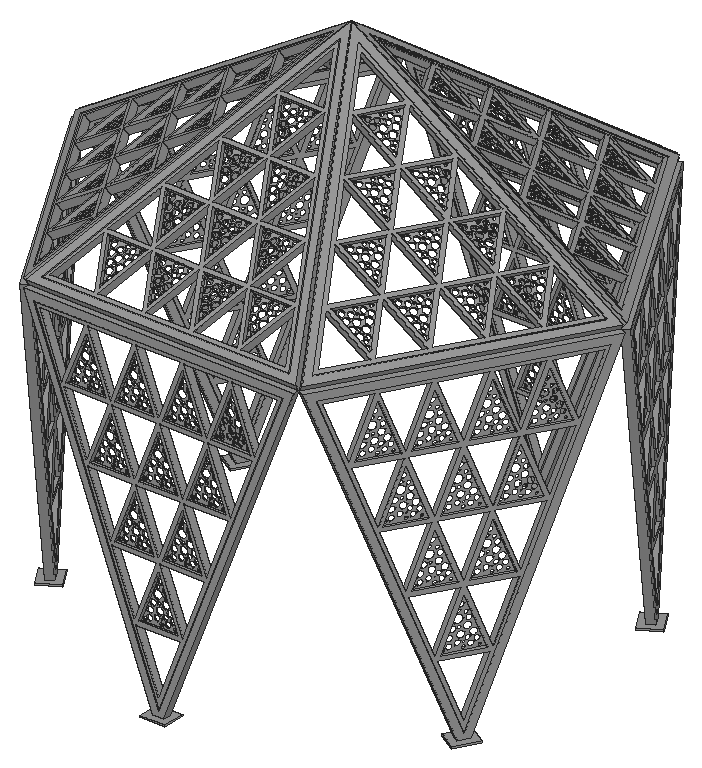
Revit family "Беседка «Трекант» Арт 19429", category Антураж, Revit 2018
Family settings
  На основе рабочей плоскости = Нет
  Всегда вертикально = Да
  При загрузке вырезать с полостями = Нет
  Источник визуального образа = Геометрия семейства
  Общий = Нет
  Точка расчета площади = Нет
Parameters (values of type "Беседка «Трекант»")
  Ширина = 3755 mm  # constant formula
  Цвет отделки = Дерево
  Цвет каркаса = Сталь
  Описание = "Беседка «Трекант»"  # constant formula
  Материал изделия = "Сталь, дерево"  # constant formula
  Изображение типоразмера = Беседка «Трекант» Арт 19429.jpg
  Изготовитель = "ООО «Хоббика»"  # constant formula
  Длина = 3280 mm  # constant formula
  Группа модели = "Навесы, перголы и ротонды"  # constant formula
  Высота = 3535 mm  # constant formula
  Артикул товара = "Арт. 19429"  # constant formula
  URL = "https://hobbyka.ru/product/besedka_trekant/"
Reference planes
  plane 1 "По центру (Вперед/Назад)": y = 0
  plane 2: z = 0
  plane 3 "По центру (Влево/Вправо)": x = 0
  plane 4: y = 3280
  plane 5: x = 3755
  plane 6: z = 3535
  plane 7 "12": y = 1640
  plane 8 "123": z = 2299.592
  plane 9 "5": through (930.646, 0, 2300) normal (-0.866, 0.5, 0)
  plane 10 "4": through (930.646, 3280, 2300) normal (0.866, 0.5, 0)
  plane 11 "1": through (0, 1640, 3535) normal (0, -0.6046, 0.7965)
Forms (mm)
  Extrusion 1, solid, material "Сталь" <- "Цвет каркаса"
    sketch origin (0, 0, 0) x (1, 0, 0) y (0, 0, 1)
      loop
        line (959.5, 2299.592) -> (1842.231, 0) -> (1912.769, 0) -> (2795.5, 2299.592) -> (959.5, 2299.592)
      loop
        line (1032.25, 2249.592) -> (1877.5, 47.642) -> (2722.75, 2249.592) -> (1032.25, 2249.592)
    from 0 to -50
  Extrusion 2, solid, material "Дерево" <- "Цвет отделки"
    sketch origin (0, 0, 0) x (1, 0, 0) y (0, 0, 1)
      loop
        line (1877.5, 47.642) -> (2722.75, 2249.592) -> (1032.25, 2249.592) -> (1877.5, 47.642)
      loop
        line (1723.406, 518.832) -> (1877.5, 117.402) -> (2031.594, 518.832) -> (1723.406, 518.832)
      loop
        line (1559.711, 945.272) -> (1713.809, 543.832) -> (1867.907, 945.272) -> (1559.711, 945.272)
      loop
        line (1396.016, 1371.712) -> (1550.114, 970.272) -> (1704.212, 1371.712) -> (1396.016, 1371.712)
      loop
        line (1232.321, 1798.152) -> (1386.419, 1396.712) -> (1540.517, 1798.152) -> (1232.321, 1798.152)
      loop
        line (1249.503, 1823.152) -> (1523.327, 1823.152) -> (1386.415, 2179.821) -> (1249.503, 1823.152)
      loop
        line (1068.63, 2224.582) -> (1222.724, 1823.152) -> (1376.818, 2224.582) -> (1068.63, 2224.582)
      loop
        line (2204.886, 970.272) -> (2358.984, 1371.712) -> (2050.788, 1371.712) -> (2204.886, 970.272)
      loop
        line (2041.191, 543.832) -> (2195.289, 945.272) -> (1887.093, 945.272) -> (2041.191, 543.832)
      loop
        line (2368.581, 1396.712) -> (2522.679, 1798.152) -> (2214.483, 1798.152) -> (2368.581, 1396.712)
      loop
        line (2532.276, 1823.152) -> (2686.37, 2224.582) -> (2378.182, 2224.582) -> (2532.276, 1823.152)
      loop
        line (1576.891, 1823.152) -> (1850.715, 1823.152) -> (1713.803, 2179.821) -> (1576.891, 1823.152)
      loop
        line (1904.279, 1823.152) -> (2178.103, 1823.152) -> (2041.191, 2179.821) -> (1904.279, 1823.152)
      loop
        line (2231.667, 1823.152) -> (2505.491, 1823.152) -> (2368.579, 2179.821) -> (2231.667, 1823.152)
      loop
        line (2204.888, 1823.152) -> (2358.982, 2224.582) -> (2050.794, 2224.582) -> (2204.888, 1823.152)
      loop
        line (1877.5, 1823.152) -> (2031.594, 2224.582) -> (1723.406, 2224.582) -> (1877.5, 1823.152)
      loop
        line (1550.112, 1823.152) -> (1704.206, 2224.582) -> (1396.018, 2224.582) -> (1550.112, 1823.152)
      loop
        line (1413.198, 1396.712) -> (1687.022, 1396.712) -> (1550.11, 1753.381) -> (1413.198, 1396.712)
      loop
        line (1740.586, 1396.712) -> (2014.41, 1396.712) -> (1877.498, 1753.381) -> (1740.586, 1396.712)
      loop
        line (2067.974, 1396.712) -> (2341.798, 1396.712) -> (2204.886, 1753.381) -> (2067.974, 1396.712)
      loop
        line (1559.709, 1798.152) -> (1713.807, 1396.712) -> (1867.905, 1798.152) -> (1559.709, 1798.152)
      loop
        line (1887.087, 1798.152) -> (2041.189, 1396.702) -> (2195.291, 1798.152) -> (1887.087, 1798.152)
      loop
        line (1576.893, 970.272) -> (1850.717, 970.272) -> (1713.805, 1326.941) -> (1576.893, 970.272)
      loop
        line (1904.281, 970.272) -> (2178.105, 970.272) -> (2041.193, 1326.941) -> (1904.281, 970.272)
      loop
        line (1723.402, 1371.712) -> (1877.5, 970.272) -> (2031.598, 1371.712) -> (1723.402, 1371.712)
      loop
        line (1740.588, 543.832) -> (2014.412, 543.832) -> (1877.5, 900.501) -> (1740.588, 543.832)
    from 0 to -50
  Extrusion 3, solid, material "Сталь" <- "Цвет каркаса"
    sketch origin (-4200, 0, 0) x (1, 0, 0) y (0, 0, 1)
      loop
        line (5449.503, 1823.152) -> (5723.327, 1823.152) -> (5586.415, 2179.821) -> (5449.503, 1823.152)
      loop
        circle (5580.444, 2103.02) r 20
      loop
        circle (5608.926, 2053.38) r 15
      loop
        circle (5564.101, 2064.484) r 15
      loop
        circle (5564.049, 2016.243) r 30
      loop
        circle (5617.758, 1968.637) r 25
      loop
        circle (5626.526, 2015.753) r 20
      loop
        circle (5532.58, 1959.09) r 21.813
      loop
        circle (5577.77, 1920.177) r 25
      loop
        circle (5651.999, 1925.722) r 25
      loop
        circle (5571.018, 1965.519) r 12.691
      loop
        circle (5511.404, 1907.708) r 22.784
      loop
        circle (5476.11, 1841.398) r 15
      loop
        circle (5510.198, 1856.051) r 20
      loop
        circle (5560.156, 1872.059) r 20
      loop
        circle (5617.342, 1895.118) r 17.591
      loop
        circle (5671.63, 1882.765) r 20
      loop
        circle (5635.683, 1856.914) r 20
      loop
        circle (5686.795, 1840.888) r 12.84
      loop
        circle (5594.358, 1840.76) r 15
      loop
        circle (5595.853, 1872.696) r 8.413
    from -24 to -26
  Extrusion 4, solid, material "Сталь" <- "Цвет каркаса"
    sketch origin (-3872.612, 0, 0) x (1, 0, 0) y (0, 0, 1)
      loop
        line (5449.503, 1823.152) -> (5723.327, 1823.152) -> (5586.415, 2179.821) -> (5449.503, 1823.152)
      loop
        circle (5580.444, 2103.02) r 20
      loop
        circle (5608.926, 2053.38) r 15
      loop
        circle (5564.101, 2064.484) r 15
      loop
        circle (5564.049, 2016.243) r 30
      loop
        circle (5617.758, 1968.637) r 25
      loop
        circle (5626.526, 2015.753) r 20
      loop
        circle (5532.58, 1959.09) r 21.813
      loop
        circle (5577.77, 1920.177) r 25
      loop
        circle (5651.999, 1925.722) r 25
      loop
        circle (5571.018, 1965.519) r 12.691
      loop
        circle (5511.404, 1907.708) r 22.784
      loop
        circle (5476.11, 1841.398) r 15
      loop
        circle (5510.198, 1856.051) r 20
      loop
        circle (5560.156, 1872.059) r 20
      loop
        circle (5617.342, 1895.118) r 17.591
      loop
        circle (5671.63, 1882.765) r 20
      loop
        circle (5635.683, 1856.914) r 20
      loop
        circle (5686.795, 1840.888) r 12.84
      loop
        circle (5594.358, 1840.76) r 15
      loop
        circle (5595.853, 1872.696) r 8.413
    from -24 to -26
  Extrusion 5, solid, material "Сталь" <- "Цвет каркаса"
    sketch origin (-3545.224, 0, 0) x (1, 0, 0) y (0, 0, 1)
      loop
        line (5449.503, 1823.152) -> (5723.327, 1823.152) -> (5586.415, 2179.821) -> (5449.503, 1823.152)
      loop
        circle (5580.444, 2103.02) r 20
      loop
        circle (5608.926, 2053.38) r 15
      loop
        circle (5564.101, 2064.484) r 15
      loop
        circle (5564.049, 2016.243) r 30
      loop
        circle (5617.758, 1968.637) r 25
      loop
        circle (5626.526, 2015.753) r 20
      loop
        circle (5532.58, 1959.09) r 21.813
      loop
        circle (5577.77, 1920.177) r 25
      loop
        circle (5651.999, 1925.722) r 25
      loop
        circle (5571.018, 1965.519) r 12.691
      loop
        circle (5511.404, 1907.708) r 22.784
      loop
        circle (5476.11, 1841.398) r 15
      loop
        circle (5510.198, 1856.051) r 20
      loop
        circle (5560.156, 1872.059) r 20
      loop
        circle (5617.342, 1895.118) r 17.591
      loop
        circle (5671.63, 1882.765) r 20
      loop
        circle (5635.683, 1856.914) r 20
      loop
        circle (5686.795, 1840.888) r 12.84
      loop
        circle (5594.358, 1840.76) r 15
      loop
        circle (5595.853, 1872.696) r 8.413
    from -24 to -26
  Extrusion 6, solid, material "Сталь" <- "Цвет каркаса"
    sketch origin (-3217.836, 0, 0) x (1, 0, 0) y (0, 0, 1)
      loop
        line (5449.503, 1823.152) -> (5723.327, 1823.152) -> (5586.415, 2179.821) -> (5449.503, 1823.152)
      loop
        circle (5580.444, 2103.02) r 20
      loop
        circle (5608.926, 2053.38) r 15
      loop
        circle (5564.101, 2064.484) r 15
      loop
        circle (5564.049, 2016.243) r 30
      loop
        circle (5617.758, 1968.637) r 25
      loop
        circle (5626.526, 2015.753) r 20
      loop
        circle (5532.58, 1959.09) r 21.813
      loop
        circle (5577.77, 1920.177) r 25
      loop
        circle (5651.999, 1925.722) r 25
      loop
        circle (5571.018, 1965.519) r 12.691
      loop
        circle (5511.404, 1907.708) r 22.784
      loop
        circle (5476.11, 1841.398) r 15
      loop
        circle (5510.198, 1856.051) r 20
      loop
        circle (5560.156, 1872.059) r 20
      loop
        circle (5617.342, 1895.118) r 17.591
      loop
        circle (5671.63, 1882.765) r 20
      loop
        circle (5635.683, 1856.914) r 20
      loop
        circle (5686.795, 1840.888) r 12.84
      loop
        circle (5594.358, 1840.76) r 15
      loop
        circle (5595.853, 1872.696) r 8.413
    from -24 to -26
  Extrusion 7, solid, material "Сталь" <- "Цвет каркаса"
    sketch origin (-4036.305, 0, -426.44) x (1, 0, 0) y (0, 0, 1)
      loop
        line (5449.503, 1823.152) -> (5723.327, 1823.152) -> (5586.415, 2179.821) -> (5449.503, 1823.152)
      loop
        circle (5580.444, 2103.02) r 20
      loop
        circle (5608.926, 2053.38) r 15
      loop
        circle (5564.101, 2064.484) r 15
      loop
        circle (5564.049, 2016.243) r 30
      loop
        circle (5617.758, 1968.637) r 25
      loop
        circle (5626.526, 2015.753) r 20
      loop
        circle (5532.58, 1959.09) r 21.813
      loop
        circle (5577.77, 1920.177) r 25
      loop
        circle (5651.999, 1925.722) r 25
      loop
        circle (5571.018, 1965.519) r 12.691
      loop
        circle (5511.404, 1907.708) r 22.784
      loop
        circle (5476.11, 1841.398) r 15
      loop
        circle (5510.198, 1856.051) r 20
      loop
        circle (5560.156, 1872.059) r 20
      loop
        circle (5617.342, 1895.118) r 17.591
      loop
        circle (5671.63, 1882.765) r 20
      loop
        circle (5635.683, 1856.914) r 20
      loop
        circle (5686.795, 1840.888) r 12.84
      loop
        circle (5594.358, 1840.76) r 15
      loop
        circle (5595.853, 1872.696) r 8.413
    from -24 to -26
  Extrusion 8, solid, material "Сталь" <- "Цвет каркаса"
    sketch origin (-3708.917, 0, -426.44) x (1, 0, 0) y (0, 0, 1)
      loop
        line (5449.503, 1823.152) -> (5723.327, 1823.152) -> (5586.415, 2179.821) -> (5449.503, 1823.152)
      loop
        circle (5580.444, 2103.02) r 20
      loop
        circle (5608.926, 2053.38) r 15
      loop
        circle (5564.101, 2064.484) r 15
      loop
        circle (5564.049, 2016.243) r 30
      loop
        circle (5617.758, 1968.637) r 25
      loop
        circle (5626.526, 2015.753) r 20
      loop
        circle (5532.58, 1959.09) r 21.813
      loop
        circle (5577.77, 1920.177) r 25
      loop
        circle (5651.999, 1925.722) r 25
      loop
        circle (5571.018, 1965.519) r 12.691
      loop
        circle (5511.404, 1907.708) r 22.784
      loop
        circle (5476.11, 1841.398) r 15
      loop
        circle (5510.198, 1856.051) r 20
      loop
        circle (5560.156, 1872.059) r 20
      loop
        circle (5617.342, 1895.118) r 17.591
      loop
        circle (5671.63, 1882.765) r 20
      loop
        circle (5635.683, 1856.914) r 20
      loop
        circle (5686.795, 1840.888) r 12.84
      loop
        circle (5594.358, 1840.76) r 15
      loop
        circle (5595.853, 1872.696) r 8.413
    from -24 to -26
  Extrusion 9, solid, material "Сталь" <- "Цвет каркаса"
    sketch origin (-3381.529, 0, -426.44) x (1, 0, 0) y (0, 0, 1)
      loop
        line (5449.503, 1823.152) -> (5723.327, 1823.152) -> (5586.415, 2179.821) -> (5449.503, 1823.152)
      loop
        circle (5580.444, 2103.02) r 20
      loop
        circle (5608.926, 2053.38) r 15
      loop
        circle (5564.101, 2064.484) r 15
      loop
        circle (5564.049, 2016.243) r 30
      loop
        circle (5617.758, 1968.637) r 25
      loop
        circle (5626.526, 2015.753) r 20
      loop
        circle (5532.58, 1959.09) r 21.813
      loop
        circle (5577.77, 1920.177) r 25
      loop
        circle (5651.999, 1925.722) r 25
      loop
        circle (5571.018, 1965.519) r 12.691
      loop
        circle (5511.404, 1907.708) r 22.784
      loop
        circle (5476.11, 1841.398) r 15
      loop
        circle (5510.198, 1856.051) r 20
      loop
        circle (5560.156, 1872.059) r 20
      loop
        circle (5617.342, 1895.118) r 17.591
      loop
        circle (5671.63, 1882.765) r 20
      loop
        circle (5635.683, 1856.914) r 20
      loop
        circle (5686.795, 1840.888) r 12.84
      loop
        circle (5594.358, 1840.76) r 15
      loop
        circle (5595.853, 1872.696) r 8.413
    from -24 to -26
  Extrusion 10, solid, material "Сталь" <- "Цвет каркаса"
    sketch origin (-3872.61, 0, -852.88) x (1, 0, 0) y (0, 0, 1)
      loop
        line (5449.503, 1823.152) -> (5723.327, 1823.152) -> (5586.415, 2179.821) -> (5449.503, 1823.152)
      loop
        circle (5580.444, 2103.02) r 20
      loop
        circle (5608.926, 2053.38) r 15
      loop
        circle (5564.101, 2064.484) r 15
      loop
        circle (5564.049, 2016.243) r 30
      loop
        circle (5617.758, 1968.637) r 25
      loop
        circle (5626.526, 2015.753) r 20
      loop
        circle (5532.58, 1959.09) r 21.813
      loop
        circle (5577.77, 1920.177) r 25
      loop
        circle (5651.999, 1925.722) r 25
      loop
        circle (5571.018, 1965.519) r 12.691
      loop
        circle (5511.404, 1907.708) r 22.784
      loop
        circle (5476.11, 1841.398) r 15
      loop
        circle (5510.198, 1856.051) r 20
      loop
        circle (5560.156, 1872.059) r 20
      loop
        circle (5617.342, 1895.118) r 17.591
      loop
        circle (5671.63, 1882.765) r 20
      loop
        circle (5635.683, 1856.914) r 20
      loop
        circle (5686.795, 1840.888) r 12.84
      loop
        circle (5594.358, 1840.76) r 15
      loop
        circle (5595.853, 1872.696) r 8.413
    from -24 to -26
  Extrusion 11, solid, material "Сталь" <- "Цвет каркаса"
    sketch origin (-3545.222, 0, -852.88) x (1, 0, 0) y (0, 0, 1)
      loop
        line (5449.503, 1823.152) -> (5723.327, 1823.152) -> (5586.415, 2179.821) -> (5449.503, 1823.152)
      loop
        circle (5580.444, 2103.02) r 20
      loop
        circle (5608.926, 2053.38) r 15
      loop
        circle (5564.101, 2064.484) r 15
      loop
        circle (5564.049, 2016.243) r 30
      loop
        circle (5617.758, 1968.637) r 25
      loop
        circle (5626.526, 2015.753) r 20
      loop
        circle (5532.58, 1959.09) r 21.813
      loop
        circle (5577.77, 1920.177) r 25
      loop
        circle (5651.999, 1925.722) r 25
      loop
        circle (5571.018, 1965.519) r 12.691
      loop
        circle (5511.404, 1907.708) r 22.784
      loop
        circle (5476.11, 1841.398) r 15
      loop
        circle (5510.198, 1856.051) r 20
      loop
        circle (5560.156, 1872.059) r 20
      loop
        circle (5617.342, 1895.118) r 17.591
      loop
        circle (5671.63, 1882.765) r 20
      loop
        circle (5635.683, 1856.914) r 20
      loop
        circle (5686.795, 1840.888) r 12.84
      loop
        circle (5594.358, 1840.76) r 15
      loop
        circle (5595.853, 1872.696) r 8.413
    from -24 to -26
  Extrusion 12, solid, material "Сталь" <- "Цвет каркаса"
    sketch origin (-3708.915, 0, -1279.32) x (1, 0, 0) y (0, 0, 1)
      loop
        line (5449.503, 1823.152) -> (5723.327, 1823.152) -> (5586.415, 2179.821) -> (5449.503, 1823.152)
      loop
        circle (5580.444, 2103.02) r 20
      loop
        circle (5608.926, 2053.38) r 15
      loop
        circle (5564.101, 2064.484) r 15
      loop
        circle (5564.049, 2016.243) r 30
      loop
        circle (5617.758, 1968.637) r 25
      loop
        circle (5626.526, 2015.753) r 20
      loop
        circle (5532.58, 1959.09) r 21.813
      loop
        circle (5577.77, 1920.177) r 25
      loop
        circle (5651.999, 1925.722) r 25
      loop
        circle (5571.018, 1965.519) r 12.691
      loop
        circle (5511.404, 1907.708) r 22.784
      loop
        circle (5476.11, 1841.398) r 15
      loop
        circle (5510.198, 1856.051) r 20
      loop
        circle (5560.156, 1872.059) r 20
      loop
        circle (5617.342, 1895.118) r 17.591
      loop
        circle (5671.63, 1882.765) r 20
      loop
        circle (5635.683, 1856.914) r 20
      loop
        circle (5686.795, 1840.888) r 12.84
      loop
        circle (5594.358, 1840.76) r 15
      loop
        circle (5595.853, 1872.696) r 8.413
    from -24 to -26
  Extrusion 13, solid, material "Сталь" <- "Цвет каркаса"
    sketch origin (2359.032, -805.963, 0) x (0.5, 0.866025, 0) y (0, 0, 1)
      loop
        line (959.5, 2299.592) -> (1842.231, 0) -> (1912.769, 0) -> (2795.5, 2299.592) -> (959.5, 2299.592)
      loop
        line (1032.25, 2249.592) -> (1877.5, 47.642) -> (2722.75, 2249.592) -> (1032.25, 2249.592)
    from 0 to -50
  Extrusion 14, solid, material "Дерево" <- "Цвет отделки"
    sketch origin (2359.032, -805.963, 0) x (0.5, 0.866025, 0) y (0, 0, 1)
      loop
        line (1877.5, 47.642) -> (2722.75, 2249.592) -> (1032.25, 2249.592) -> (1877.5, 47.642)
      loop
        line (1723.406, 518.832) -> (1877.5, 117.402) -> (2031.594, 518.832) -> (1723.406, 518.832)
      loop
        line (1559.711, 945.272) -> (1713.809, 543.832) -> (1867.907, 945.272) -> (1559.711, 945.272)
      loop
        line (1396.016, 1371.712) -> (1550.114, 970.272) -> (1704.212, 1371.712) -> (1396.016, 1371.712)
      loop
        line (1232.321, 1798.152) -> (1386.419, 1396.712) -> (1540.517, 1798.152) -> (1232.321, 1798.152)
      loop
        line (1249.503, 1823.152) -> (1523.327, 1823.152) -> (1386.415, 2179.821) -> (1249.503, 1823.152)
      loop
        line (1068.63, 2224.582) -> (1222.724, 1823.152) -> (1376.818, 2224.582) -> (1068.63, 2224.582)
      loop
        line (2204.886, 970.272) -> (2358.984, 1371.712) -> (2050.788, 1371.712) -> (2204.886, 970.272)
      loop
        line (2041.191, 543.832) -> (2195.289, 945.272) -> (1887.093, 945.272) -> (2041.191, 543.832)
      loop
        line (2368.581, 1396.712) -> (2522.679, 1798.152) -> (2214.483, 1798.152) -> (2368.581, 1396.712)
      loop
        line (2532.276, 1823.152) -> (2686.37, 2224.582) -> (2378.182, 2224.582) -> (2532.276, 1823.152)
      loop
        line (1576.891, 1823.152) -> (1850.715, 1823.152) -> (1713.803, 2179.821) -> (1576.891, 1823.152)
      loop
        line (1904.279, 1823.152) -> (2178.103, 1823.152) -> (2041.191, 2179.821) -> (1904.279, 1823.152)
      loop
        line (2231.667, 1823.152) -> (2505.491, 1823.152) -> (2368.579, 2179.821) -> (2231.667, 1823.152)
      loop
        line (2204.888, 1823.152) -> (2358.982, 2224.582) -> (2050.794, 2224.582) -> (2204.888, 1823.152)
      loop
        line (1877.5, 1823.152) -> (2031.594, 2224.582) -> (1723.406, 2224.582) -> (1877.5, 1823.152)
      loop
        line (1550.112, 1823.152) -> (1704.206, 2224.582) -> (1396.018, 2224.582) -> (1550.112, 1823.152)
      loop
        line (1413.198, 1396.712) -> (1687.022, 1396.712) -> (1550.11, 1753.381) -> (1413.198, 1396.712)
      loop
        line (1740.586, 1396.712) -> (2014.41, 1396.712) -> (1877.498, 1753.381) -> (1740.586, 1396.712)
      loop
        line (2067.974, 1396.712) -> (2341.798, 1396.712) -> (2204.886, 1753.381) -> (2067.974, 1396.712)
      loop
        line (1559.709, 1798.152) -> (1713.807, 1396.712) -> (1867.905, 1798.152) -> (1559.709, 1798.152)
      loop
        line (1887.087, 1798.152) -> (2041.189, 1396.702) -> (2195.291, 1798.152) -> (1887.087, 1798.152)
      loop
        line (1576.893, 970.272) -> (1850.717, 970.272) -> (1713.805, 1326.941) -> (1576.893, 970.272)
      loop
        line (1904.281, 970.272) -> (2178.105, 970.272) -> (2041.193, 1326.941) -> (1904.281, 970.272)
      loop
        line (1723.402, 1371.712) -> (1877.5, 970.272) -> (2031.598, 1371.712) -> (1723.402, 1371.712)
      loop
        line (1740.588, 543.832) -> (2014.412, 543.832) -> (1877.5, 900.501) -> (1740.588, 543.832)
    from 0 to -50
  Extrusion 15, solid, material "Сталь" <- "Цвет каркаса"
    sketch origin (259.032, -4443.269, 0) x (0.5, 0.866025, 0) y (0, 0, 1)
      loop
        line (5449.503, 1823.152) -> (5723.327, 1823.152) -> (5586.415, 2179.821) -> (5449.503, 1823.152)
      loop
        circle (5580.444, 2103.02) r 20
      loop
        circle (5608.926, 2053.38) r 15
      loop
        circle (5564.101, 2064.484) r 15
      loop
        circle (5564.049, 2016.243) r 30
      loop
        circle (5617.758, 1968.637) r 25
      loop
        circle (5626.526, 2015.753) r 20
      loop
        circle (5532.58, 1959.09) r 21.813
      loop
        circle (5577.77, 1920.177) r 25
      loop
        circle (5651.999, 1925.722) r 25
      loop
        circle (5571.018, 1965.519) r 12.691
      loop
        circle (5511.404, 1907.708) r 22.784
      loop
        circle (5476.11, 1841.398) r 15
      loop
        circle (5510.198, 1856.051) r 20
      loop
        circle (5560.156, 1872.059) r 20
      loop
        circle (5617.342, 1895.118) r 17.591
      loop
        circle (5671.63, 1882.765) r 20
      loop
        circle (5635.683, 1856.914) r 20
      loop
        circle (5686.795, 1840.888) r 12.84
      loop
        circle (5594.358, 1840.76) r 15
      loop
        circle (5595.853, 1872.696) r 8.413
    from -24 to -26
  Extrusion 16, solid, material "Сталь" <- "Цвет каркаса"
    sketch origin (422.726, -4159.743, 0) x (0.5, 0.866025, 0) y (0, 0, 1)
      loop
        line (5449.503, 1823.152) -> (5723.327, 1823.152) -> (5586.415, 2179.821) -> (5449.503, 1823.152)
      loop
        circle (5580.444, 2103.02) r 20
      loop
        circle (5608.926, 2053.38) r 15
      loop
        circle (5564.101, 2064.484) r 15
      loop
        circle (5564.049, 2016.243) r 30
      loop
        circle (5617.758, 1968.637) r 25
      loop
        circle (5626.526, 2015.753) r 20
      loop
        circle (5532.58, 1959.09) r 21.813
      loop
        circle (5577.77, 1920.177) r 25
      loop
        circle (5651.999, 1925.722) r 25
      loop
        circle (5571.018, 1965.519) r 12.691
      loop
        circle (5511.404, 1907.708) r 22.784
      loop
        circle (5476.11, 1841.398) r 15
      loop
        circle (5510.198, 1856.051) r 20
      loop
        circle (5560.156, 1872.059) r 20
      loop
        circle (5617.342, 1895.118) r 17.591
      loop
        circle (5671.63, 1882.765) r 20
      loop
        circle (5635.683, 1856.914) r 20
      loop
        circle (5686.795, 1840.888) r 12.84
      loop
        circle (5594.358, 1840.76) r 15
      loop
        circle (5595.853, 1872.696) r 8.413
    from -24 to -26
  Extrusion 17, solid, material "Сталь" <- "Цвет каркаса"
    sketch origin (586.42, -3876.217, 0) x (0.5, 0.866025, 0) y (0, 0, 1)
      loop
        line (5449.503, 1823.152) -> (5723.327, 1823.152) -> (5586.415, 2179.821) -> (5449.503, 1823.152)
      loop
        circle (5580.444, 2103.02) r 20
      loop
        circle (5608.926, 2053.38) r 15
      loop
        circle (5564.101, 2064.484) r 15
      loop
        circle (5564.049, 2016.243) r 30
      loop
        circle (5617.758, 1968.637) r 25
      loop
        circle (5626.526, 2015.753) r 20
      loop
        circle (5532.58, 1959.09) r 21.813
      loop
        circle (5577.77, 1920.177) r 25
      loop
        circle (5651.999, 1925.722) r 25
      loop
        circle (5571.018, 1965.519) r 12.691
      loop
        circle (5511.404, 1907.708) r 22.784
      loop
        circle (5476.11, 1841.398) r 15
      loop
        circle (5510.198, 1856.051) r 20
      loop
        circle (5560.156, 1872.059) r 20
      loop
        circle (5617.342, 1895.118) r 17.591
      loop
        circle (5671.63, 1882.765) r 20
      loop
        circle (5635.683, 1856.914) r 20
      loop
        circle (5686.795, 1840.888) r 12.84
      loop
        circle (5594.358, 1840.76) r 15
      loop
        circle (5595.853, 1872.696) r 8.413
    from -24 to -26
  Extrusion 18, solid, material "Сталь" <- "Цвет каркаса"
    sketch origin (750.114, -3592.69, 0) x (0.5, 0.866025, 0) y (0, 0, 1)
      loop
        line (5449.503, 1823.152) -> (5723.327, 1823.152) -> (5586.415, 2179.821) -> (5449.503, 1823.152)
      loop
        circle (5580.444, 2103.02) r 20
      loop
        circle (5608.926, 2053.38) r 15
      loop
        circle (5564.101, 2064.484) r 15
      loop
        circle (5564.049, 2016.243) r 30
      loop
        circle (5617.758, 1968.637) r 25
      loop
        circle (5626.526, 2015.753) r 20
      loop
        circle (5532.58, 1959.09) r 21.813
      loop
        circle (5577.77, 1920.177) r 25
      loop
        circle (5651.999, 1925.722) r 25
      loop
        circle (5571.018, 1965.519) r 12.691
      loop
        circle (5511.404, 1907.708) r 22.784
      loop
        circle (5476.11, 1841.398) r 15
      loop
        circle (5510.198, 1856.051) r 20
      loop
        circle (5560.156, 1872.059) r 20
      loop
        circle (5617.342, 1895.118) r 17.591
      loop
        circle (5671.63, 1882.765) r 20
      loop
        circle (5635.683, 1856.914) r 20
      loop
        circle (5686.795, 1840.888) r 12.84
      loop
        circle (5594.358, 1840.76) r 15
      loop
        circle (5595.853, 1872.696) r 8.413
    from -24 to -26
  Extrusion 19, solid, material "Сталь" <- "Цвет каркаса"
    sketch origin (340.879, -4301.505, -426.44) x (0.5, 0.866025, 0) y (0, 0, 1)
      loop
        line (5449.503, 1823.152) -> (5723.327, 1823.152) -> (5586.415, 2179.821) -> (5449.503, 1823.152)
      loop
        circle (5580.444, 2103.02) r 20
      loop
        circle (5608.926, 2053.38) r 15
      loop
        circle (5564.101, 2064.484) r 15
      loop
        circle (5564.049, 2016.243) r 30
      loop
        circle (5617.758, 1968.637) r 25
      loop
        circle (5626.526, 2015.753) r 20
      loop
        circle (5532.58, 1959.09) r 21.813
      loop
        circle (5577.77, 1920.177) r 25
      loop
        circle (5651.999, 1925.722) r 25
      loop
        circle (5571.018, 1965.519) r 12.691
      loop
        circle (5511.404, 1907.708) r 22.784
      loop
        circle (5476.11, 1841.398) r 15
      loop
        circle (5510.198, 1856.051) r 20
      loop
        circle (5560.156, 1872.059) r 20
      loop
        circle (5617.342, 1895.118) r 17.591
      loop
        circle (5671.63, 1882.765) r 20
      loop
        circle (5635.683, 1856.914) r 20
      loop
        circle (5686.795, 1840.888) r 12.84
      loop
        circle (5594.358, 1840.76) r 15
      loop
        circle (5595.853, 1872.696) r 8.413
    from -24 to -26
  Extrusion 20, solid, material "Сталь" <- "Цвет каркаса"
    sketch origin (504.573, -4017.979, -426.44) x (0.5, 0.866025, 0) y (0, 0, 1)
      loop
        line (5449.503, 1823.152) -> (5723.327, 1823.152) -> (5586.415, 2179.821) -> (5449.503, 1823.152)
      loop
        circle (5580.444, 2103.02) r 20
      loop
        circle (5608.926, 2053.38) r 15
      loop
        circle (5564.101, 2064.484) r 15
      loop
        circle (5564.049, 2016.243) r 30
      loop
        circle (5617.758, 1968.637) r 25
      loop
        circle (5626.526, 2015.753) r 20
      loop
        circle (5532.58, 1959.09) r 21.813
      loop
        circle (5577.77, 1920.177) r 25
      loop
        circle (5651.999, 1925.722) r 25
      loop
        circle (5571.018, 1965.519) r 12.691
      loop
        circle (5511.404, 1907.708) r 22.784
      loop
        circle (5476.11, 1841.398) r 15
      loop
        circle (5510.198, 1856.051) r 20
      loop
        circle (5560.156, 1872.059) r 20
      loop
        circle (5617.342, 1895.118) r 17.591
      loop
        circle (5671.63, 1882.765) r 20
      loop
        circle (5635.683, 1856.914) r 20
      loop
        circle (5686.795, 1840.888) r 12.84
      loop
        circle (5594.358, 1840.76) r 15
      loop
        circle (5595.853, 1872.696) r 8.413
    from -24 to -26
  Extrusion 21, solid, material "Сталь" <- "Цвет каркаса"
    sketch origin (668.267, -3734.453, -426.44) x (0.5, 0.866025, 0) y (0, 0, 1)
      loop
        line (5449.503, 1823.152) -> (5723.327, 1823.152) -> (5586.415, 2179.821) -> (5449.503, 1823.152)
      loop
        circle (5580.444, 2103.02) r 20
      loop
        circle (5608.926, 2053.38) r 15
      loop
        circle (5564.101, 2064.484) r 15
      loop
        circle (5564.049, 2016.243) r 30
      loop
        circle (5617.758, 1968.637) r 25
      loop
        circle (5626.526, 2015.753) r 20
      loop
        circle (5532.58, 1959.09) r 21.813
      loop
        circle (5577.77, 1920.177) r 25
      loop
        circle (5651.999, 1925.722) r 25
      loop
        circle (5571.018, 1965.519) r 12.691
      loop
        circle (5511.404, 1907.708) r 22.784
      loop
        circle (5476.11, 1841.398) r 15
      loop
        circle (5510.198, 1856.051) r 20
      loop
        circle (5560.156, 1872.059) r 20
      loop
        circle (5617.342, 1895.118) r 17.591
      loop
        circle (5671.63, 1882.765) r 20
      loop
        circle (5635.683, 1856.914) r 20
      loop
        circle (5686.795, 1840.888) r 12.84
      loop
        circle (5594.358, 1840.76) r 15
      loop
        circle (5595.853, 1872.696) r 8.413
    from -24 to -26
  Extrusion 22, solid, material "Сталь" <- "Цвет каркаса"
    sketch origin (422.727, -4159.741, -852.88) x (0.5, 0.866025, 0) y (0, 0, 1)
      loop
        line (5449.503, 1823.152) -> (5723.327, 1823.152) -> (5586.415, 2179.821) -> (5449.503, 1823.152)
      loop
        circle (5580.444, 2103.02) r 20
      loop
        circle (5608.926, 2053.38) r 15
      loop
        circle (5564.101, 2064.484) r 15
      loop
        circle (5564.049, 2016.243) r 30
      loop
        circle (5617.758, 1968.637) r 25
      loop
        circle (5626.526, 2015.753) r 20
      loop
        circle (5532.58, 1959.09) r 21.813
      loop
        circle (5577.77, 1920.177) r 25
      loop
        circle (5651.999, 1925.722) r 25
      loop
        circle (5571.018, 1965.519) r 12.691
      loop
        circle (5511.404, 1907.708) r 22.784
      loop
        circle (5476.11, 1841.398) r 15
      loop
        circle (5510.198, 1856.051) r 20
      loop
        circle (5560.156, 1872.059) r 20
      loop
        circle (5617.342, 1895.118) r 17.591
      loop
        circle (5671.63, 1882.765) r 20
      loop
        circle (5635.683, 1856.914) r 20
      loop
        circle (5686.795, 1840.888) r 12.84
      loop
        circle (5594.358, 1840.76) r 15
      loop
        circle (5595.853, 1872.696) r 8.413
    from -24 to -26
  Extrusion 23, solid, material "Сталь" <- "Цвет каркаса"
    sketch origin (586.421, -3876.215, -852.88) x (0.5, 0.866025, 0) y (0, 0, 1)
      loop
        line (5449.503, 1823.152) -> (5723.327, 1823.152) -> (5586.415, 2179.821) -> (5449.503, 1823.152)
      loop
        circle (5580.444, 2103.02) r 20
      loop
        circle (5608.926, 2053.38) r 15
      loop
        circle (5564.101, 2064.484) r 15
      loop
        circle (5564.049, 2016.243) r 30
      loop
        circle (5617.758, 1968.637) r 25
      loop
        circle (5626.526, 2015.753) r 20
      loop
        circle (5532.58, 1959.09) r 21.813
      loop
        circle (5577.77, 1920.177) r 25
      loop
        circle (5651.999, 1925.722) r 25
      loop
        circle (5571.018, 1965.519) r 12.691
      loop
        circle (5511.404, 1907.708) r 22.784
      loop
        circle (5476.11, 1841.398) r 15
      loop
        circle (5510.198, 1856.051) r 20
      loop
        circle (5560.156, 1872.059) r 20
      loop
        circle (5617.342, 1895.118) r 17.591
      loop
        circle (5671.63, 1882.765) r 20
      loop
        circle (5635.683, 1856.914) r 20
      loop
        circle (5686.795, 1840.888) r 12.84
      loop
        circle (5594.358, 1840.76) r 15
      loop
        circle (5595.853, 1872.696) r 8.413
    from -24 to -26
  Extrusion 24, solid, material "Сталь" <- "Цвет каркаса"
    sketch origin (504.574, -4017.977, -1279.32) x (0.5, 0.866025, 0) y (0, 0, 1)
      loop
        line (5449.503, 1823.152) -> (5723.327, 1823.152) -> (5586.415, 2179.821) -> (5449.503, 1823.152)
      loop
        circle (5580.444, 2103.02) r 20
      loop
        circle (5608.926, 2053.38) r 15
      loop
        circle (5564.101, 2064.484) r 15
      loop
        circle (5564.049, 2016.243) r 30
      loop
        circle (5617.758, 1968.637) r 25
      loop
        circle (5626.526, 2015.753) r 20
      loop
        circle (5532.58, 1959.09) r 21.813
      loop
        circle (5577.77, 1920.177) r 25
      loop
        circle (5651.999, 1925.722) r 25
      loop
        circle (5571.018, 1965.519) r 12.691
      loop
        circle (5511.404, 1907.708) r 22.784
      loop
        circle (5476.11, 1841.398) r 15
      loop
        circle (5510.198, 1856.051) r 20
      loop
        circle (5560.156, 1872.059) r 20
      loop
        circle (5617.342, 1895.118) r 17.591
      loop
        circle (5671.63, 1882.765) r 20
      loop
        circle (5635.683, 1856.914) r 20
      loop
        circle (5686.795, 1840.888) r 12.84
      loop
        circle (5594.358, 1840.76) r 15
      loop
        circle (5595.853, 1872.696) r 8.413
    from -24 to -26
  Extrusion 25, solid, material "Сталь" <- "Цвет каркаса"
    sketch origin (4236.532, 834.037, 0) x (-0.5, 0.866025, 0) y (0, 0, 1)
      loop
        line (959.5, 2299.592) -> (1842.231, 0) -> (1912.769, 0) -> (2795.5, 2299.592) -> (959.5, 2299.592)
      loop
        line (1032.25, 2249.592) -> (1877.5, 47.642) -> (2722.75, 2249.592) -> (1032.25, 2249.592)
    from 0 to -50
  Extrusion 26, solid, material "Дерево" <- "Цвет отделки"
    sketch origin (4236.532, 834.037, 0) x (-0.5, 0.866025, 0) y (0, 0, 1)
      loop
        line (1877.5, 47.642) -> (2722.75, 2249.592) -> (1032.25, 2249.592) -> (1877.5, 47.642)
      loop
        line (1723.406, 518.832) -> (1877.5, 117.402) -> (2031.594, 518.832) -> (1723.406, 518.832)
      loop
        line (1559.711, 945.272) -> (1713.809, 543.832) -> (1867.907, 945.272) -> (1559.711, 945.272)
      loop
        line (1396.016, 1371.712) -> (1550.114, 970.272) -> (1704.212, 1371.712) -> (1396.016, 1371.712)
      loop
        line (1232.321, 1798.152) -> (1386.419, 1396.712) -> (1540.517, 1798.152) -> (1232.321, 1798.152)
      loop
        line (1249.503, 1823.152) -> (1523.327, 1823.152) -> (1386.415, 2179.821) -> (1249.503, 1823.152)
      loop
        line (1068.63, 2224.582) -> (1222.724, 1823.152) -> (1376.818, 2224.582) -> (1068.63, 2224.582)
      loop
        line (2204.886, 970.272) -> (2358.984, 1371.712) -> (2050.788, 1371.712) -> (2204.886, 970.272)
      loop
        line (2041.191, 543.832) -> (2195.289, 945.272) -> (1887.093, 945.272) -> (2041.191, 543.832)
      loop
        line (2368.581, 1396.712) -> (2522.679, 1798.152) -> (2214.483, 1798.152) -> (2368.581, 1396.712)
      loop
        line (2532.276, 1823.152) -> (2686.37, 2224.582) -> (2378.182, 2224.582) -> (2532.276, 1823.152)
      loop
        line (1576.891, 1823.152) -> (1850.715, 1823.152) -> (1713.803, 2179.821) -> (1576.891, 1823.152)
      loop
        line (1904.279, 1823.152) -> (2178.103, 1823.152) -> (2041.191, 2179.821) -> (1904.279, 1823.152)
      loop
        line (2231.667, 1823.152) -> (2505.491, 1823.152) -> (2368.579, 2179.821) -> (2231.667, 1823.152)
      loop
        line (2204.888, 1823.152) -> (2358.982, 2224.582) -> (2050.794, 2224.582) -> (2204.888, 1823.152)
      loop
        line (1877.5, 1823.152) -> (2031.594, 2224.582) -> (1723.406, 2224.582) -> (1877.5, 1823.152)
      loop
        line (1550.112, 1823.152) -> (1704.206, 2224.582) -> (1396.018, 2224.582) -> (1550.112, 1823.152)
      loop
        line (1413.198, 1396.712) -> (1687.022, 1396.712) -> (1550.11, 1753.381) -> (1413.198, 1396.712)
      loop
        line (1740.586, 1396.712) -> (2014.41, 1396.712) -> (1877.498, 1753.381) -> (1740.586, 1396.712)
      loop
        line (2067.974, 1396.712) -> (2341.798, 1396.712) -> (2204.886, 1753.381) -> (2067.974, 1396.712)
      loop
        line (1559.709, 1798.152) -> (1713.807, 1396.712) -> (1867.905, 1798.152) -> (1559.709, 1798.152)
      loop
        line (1887.087, 1798.152) -> (2041.189, 1396.702) -> (2195.291, 1798.152) -> (1887.087, 1798.152)
      loop
        line (1576.893, 970.272) -> (1850.717, 970.272) -> (1713.805, 1326.941) -> (1576.893, 970.272)
      loop
        line (1904.281, 970.272) -> (2178.105, 970.272) -> (2041.193, 1326.941) -> (1904.281, 970.272)
      loop
        line (1723.402, 1371.712) -> (1877.5, 970.272) -> (2031.598, 1371.712) -> (1723.402, 1371.712)
      loop
        line (1740.588, 543.832) -> (2014.412, 543.832) -> (1877.5, 900.501) -> (1740.588, 543.832)
    from 0 to -50
  Extrusion 27, solid, material "Сталь" <- "Цвет каркаса"
    sketch origin (6336.532, -2803.269, 0) x (-0.5, 0.866025, 0) y (0, 0, 1)
      loop
        line (5449.503, 1823.152) -> (5723.327, 1823.152) -> (5586.415, 2179.821) -> (5449.503, 1823.152)
      loop
        circle (5580.444, 2103.02) r 20
      loop
        circle (5608.926, 2053.38) r 15
      loop
        circle (5564.101, 2064.484) r 15
      loop
        circle (5564.049, 2016.243) r 30
      loop
        circle (5617.758, 1968.637) r 25
      loop
        circle (5626.526, 2015.753) r 20
      loop
        circle (5532.58, 1959.09) r 21.813
      loop
        circle (5577.77, 1920.177) r 25
      loop
        circle (5651.999, 1925.722) r 25
      loop
        circle (5571.018, 1965.519) r 12.691
      loop
        circle (5511.404, 1907.708) r 22.784
      loop
        circle (5476.11, 1841.398) r 15
      loop
        circle (5510.198, 1856.051) r 20
      loop
        circle (5560.156, 1872.059) r 20
      loop
        circle (5617.342, 1895.118) r 17.591
      loop
        circle (5671.63, 1882.765) r 20
      loop
        circle (5635.683, 1856.914) r 20
      loop
        circle (5686.795, 1840.888) r 12.84
      loop
        circle (5594.358, 1840.76) r 15
      loop
        circle (5595.853, 1872.696) r 8.413
    from -24 to -26
  Extrusion 28, solid, material "Сталь" <- "Цвет каркаса"
    sketch origin (6172.838, -2519.743, 0) x (-0.5, 0.866025, 0) y (0, 0, 1)
      loop
        line (5449.503, 1823.152) -> (5723.327, 1823.152) -> (5586.415, 2179.821) -> (5449.503, 1823.152)
      loop
        circle (5580.444, 2103.02) r 20
      loop
        circle (5608.926, 2053.38) r 15
      loop
        circle (5564.101, 2064.484) r 15
      loop
        circle (5564.049, 2016.243) r 30
      loop
        circle (5617.758, 1968.637) r 25
      loop
        circle (5626.526, 2015.753) r 20
      loop
        circle (5532.58, 1959.09) r 21.813
      loop
        circle (5577.77, 1920.177) r 25
      loop
        circle (5651.999, 1925.722) r 25
      loop
        circle (5571.018, 1965.519) r 12.691
      loop
        circle (5511.404, 1907.708) r 22.784
      loop
        circle (5476.11, 1841.398) r 15
      loop
        circle (5510.198, 1856.051) r 20
      loop
        circle (5560.156, 1872.059) r 20
      loop
        circle (5617.342, 1895.118) r 17.591
      loop
        circle (5671.63, 1882.765) r 20
      loop
        circle (5635.683, 1856.914) r 20
      loop
        circle (5686.795, 1840.888) r 12.84
      loop
        circle (5594.358, 1840.76) r 15
      loop
        circle (5595.853, 1872.696) r 8.413
    from -24 to -26
  Extrusion 29, solid, material "Сталь" <- "Цвет каркаса"
    sketch origin (6009.144, -2236.217, 0) x (-0.5, 0.866025, 0) y (0, 0, 1)
      loop
        line (5449.503, 1823.152) -> (5723.327, 1823.152) -> (5586.415, 2179.821) -> (5449.503, 1823.152)
      loop
        circle (5580.444, 2103.02) r 20
      loop
        circle (5608.926, 2053.38) r 15
      loop
        circle (5564.101, 2064.484) r 15
      loop
        circle (5564.049, 2016.243) r 30
      loop
        circle (5617.758, 1968.637) r 25
      loop
        circle (5626.526, 2015.753) r 20
      loop
        circle (5532.58, 1959.09) r 21.813
      loop
        circle (5577.77, 1920.177) r 25
      loop
        circle (5651.999, 1925.722) r 25
      loop
        circle (5571.018, 1965.519) r 12.691
      loop
        circle (5511.404, 1907.708) r 22.784
      loop
        circle (5476.11, 1841.398) r 15
      loop
        circle (5510.198, 1856.051) r 20
      loop
        circle (5560.156, 1872.059) r 20
      loop
        circle (5617.342, 1895.118) r 17.591
      loop
        circle (5671.63, 1882.765) r 20
      loop
        circle (5635.683, 1856.914) r 20
      loop
        circle (5686.795, 1840.888) r 12.84
      loop
        circle (5594.358, 1840.76) r 15
      loop
        circle (5595.853, 1872.696) r 8.413
    from -24 to -26
  Extrusion 30, solid, material "Сталь" <- "Цвет каркаса"
    sketch origin (5845.45, -1952.69, 0) x (-0.5, 0.866025, 0) y (0, 0, 1)
      loop
        line (5449.503, 1823.152) -> (5723.327, 1823.152) -> (5586.415, 2179.821) -> (5449.503, 1823.152)
      loop
        circle (5580.444, 2103.02) r 20
      loop
        circle (5608.926, 2053.38) r 15
      loop
        circle (5564.101, 2064.484) r 15
      loop
        circle (5564.049, 2016.243) r 30
      loop
        circle (5617.758, 1968.637) r 25
      loop
        circle (5626.526, 2015.753) r 20
      loop
        circle (5532.58, 1959.09) r 21.813
      loop
        circle (5577.77, 1920.177) r 25
      loop
        circle (5651.999, 1925.722) r 25
      loop
        circle (5571.018, 1965.519) r 12.691
      loop
        circle (5511.404, 1907.708) r 22.784
      loop
        circle (5476.11, 1841.398) r 15
      loop
        circle (5510.198, 1856.051) r 20
      loop
        circle (5560.156, 1872.059) r 20
      loop
        circle (5617.342, 1895.118) r 17.591
      loop
        circle (5671.63, 1882.765) r 20
      loop
        circle (5635.683, 1856.914) r 20
      loop
        circle (5686.795, 1840.888) r 12.84
      loop
        circle (5594.358, 1840.76) r 15
      loop
        circle (5595.853, 1872.696) r 8.413
    from -24 to -26
  Extrusion 31, solid, material "Сталь" <- "Цвет каркаса"
    sketch origin (6254.684, -2661.505, -426.44) x (-0.5, 0.866025, 0) y (0, 0, 1)
      loop
        line (5449.503, 1823.152) -> (5723.327, 1823.152) -> (5586.415, 2179.821) -> (5449.503, 1823.152)
      loop
        circle (5580.444, 2103.02) r 20
      loop
        circle (5608.926, 2053.38) r 15
      loop
        circle (5564.101, 2064.484) r 15
      loop
        circle (5564.049, 2016.243) r 30
      loop
        circle (5617.758, 1968.637) r 25
      loop
        circle (5626.526, 2015.753) r 20
      loop
        circle (5532.58, 1959.09) r 21.813
      loop
        circle (5577.77, 1920.177) r 25
      loop
        circle (5651.999, 1925.722) r 25
      loop
        circle (5571.018, 1965.519) r 12.691
      loop
        circle (5511.404, 1907.708) r 22.784
      loop
        circle (5476.11, 1841.398) r 15
      loop
        circle (5510.198, 1856.051) r 20
      loop
        circle (5560.156, 1872.059) r 20
      loop
        circle (5617.342, 1895.118) r 17.591
      loop
        circle (5671.63, 1882.765) r 20
      loop
        circle (5635.683, 1856.914) r 20
      loop
        circle (5686.795, 1840.888) r 12.84
      loop
        circle (5594.358, 1840.76) r 15
      loop
        circle (5595.853, 1872.696) r 8.413
    from -24 to -26
  Extrusion 32, solid, material "Сталь" <- "Цвет каркаса"
    sketch origin (6090.99, -2377.979, -426.44) x (-0.5, 0.866025, 0) y (0, 0, 1)
      loop
        line (5449.503, 1823.152) -> (5723.327, 1823.152) -> (5586.415, 2179.821) -> (5449.503, 1823.152)
      loop
        circle (5580.444, 2103.02) r 20
      loop
        circle (5608.926, 2053.38) r 15
      loop
        circle (5564.101, 2064.484) r 15
      loop
        circle (5564.049, 2016.243) r 30
      loop
        circle (5617.758, 1968.637) r 25
      loop
        circle (5626.526, 2015.753) r 20
      loop
        circle (5532.58, 1959.09) r 21.813
      loop
        circle (5577.77, 1920.177) r 25
      loop
        circle (5651.999, 1925.722) r 25
      loop
        circle (5571.018, 1965.519) r 12.691
      loop
        circle (5511.404, 1907.708) r 22.784
      loop
        circle (5476.11, 1841.398) r 15
      loop
        circle (5510.198, 1856.051) r 20
      loop
        circle (5560.156, 1872.059) r 20
      loop
        circle (5617.342, 1895.118) r 17.591
      loop
        circle (5671.63, 1882.765) r 20
      loop
        circle (5635.683, 1856.914) r 20
      loop
        circle (5686.795, 1840.888) r 12.84
      loop
        circle (5594.358, 1840.76) r 15
      loop
        circle (5595.853, 1872.696) r 8.413
    from -24 to -26
  Extrusion 33, solid, material "Сталь" <- "Цвет каркаса"
    sketch origin (5927.296, -2094.453, -426.44) x (-0.5, 0.866025, 0) y (0, 0, 1)
      loop
        line (5449.503, 1823.152) -> (5723.327, 1823.152) -> (5586.415, 2179.821) -> (5449.503, 1823.152)
      loop
        circle (5580.444, 2103.02) r 20
      loop
        circle (5608.926, 2053.38) r 15
      loop
        circle (5564.101, 2064.484) r 15
      loop
        circle (5564.049, 2016.243) r 30
      loop
        circle (5617.758, 1968.637) r 25
      loop
        circle (5626.526, 2015.753) r 20
      loop
        circle (5532.58, 1959.09) r 21.813
      loop
        circle (5577.77, 1920.177) r 25
      loop
        circle (5651.999, 1925.722) r 25
      loop
        circle (5571.018, 1965.519) r 12.691
      loop
        circle (5511.404, 1907.708) r 22.784
      loop
        circle (5476.11, 1841.398) r 15
      loop
        circle (5510.198, 1856.051) r 20
      loop
        circle (5560.156, 1872.059) r 20
      loop
        circle (5617.342, 1895.118) r 17.591
      loop
        circle (5671.63, 1882.765) r 20
      loop
        circle (5635.683, 1856.914) r 20
      loop
        circle (5686.795, 1840.888) r 12.84
      loop
        circle (5594.358, 1840.76) r 15
      loop
        circle (5595.853, 1872.696) r 8.413
    from -24 to -26
  Extrusion 34, solid, material "Сталь" <- "Цвет каркаса"
    sketch origin (6172.837, -2519.741, -852.88) x (-0.5, 0.866025, 0) y (0, 0, 1)
      loop
        line (5449.503, 1823.152) -> (5723.327, 1823.152) -> (5586.415, 2179.821) -> (5449.503, 1823.152)
      loop
        circle (5580.444, 2103.02) r 20
      loop
        circle (5608.926, 2053.38) r 15
      loop
        circle (5564.101, 2064.484) r 15
      loop
        circle (5564.049, 2016.243) r 30
      loop
        circle (5617.758, 1968.637) r 25
      loop
        circle (5626.526, 2015.753) r 20
      loop
        circle (5532.58, 1959.09) r 21.813
      loop
        circle (5577.77, 1920.177) r 25
      loop
        circle (5651.999, 1925.722) r 25
      loop
        circle (5571.018, 1965.519) r 12.691
      loop
        circle (5511.404, 1907.708) r 22.784
      loop
        circle (5476.11, 1841.398) r 15
      loop
        circle (5510.198, 1856.051) r 20
      loop
        circle (5560.156, 1872.059) r 20
      loop
        circle (5617.342, 1895.118) r 17.591
      loop
        circle (5671.63, 1882.765) r 20
      loop
        circle (5635.683, 1856.914) r 20
      loop
        circle (5686.795, 1840.888) r 12.84
      loop
        circle (5594.358, 1840.76) r 15
      loop
        circle (5595.853, 1872.696) r 8.413
    from -24 to -26
  Extrusion 35, solid, material "Сталь" <- "Цвет каркаса"
    sketch origin (6009.143, -2236.215, -852.88) x (-0.5, 0.866025, 0) y (0, 0, 1)
      loop
        line (5449.503, 1823.152) -> (5723.327, 1823.152) -> (5586.415, 2179.821) -> (5449.503, 1823.152)
      loop
        circle (5580.444, 2103.02) r 20
      loop
        circle (5608.926, 2053.38) r 15
      loop
        circle (5564.101, 2064.484) r 15
      loop
        circle (5564.049, 2016.243) r 30
      loop
        circle (5617.758, 1968.637) r 25
      loop
        circle (5626.526, 2015.753) r 20
      loop
        circle (5532.58, 1959.09) r 21.813
      loop
        circle (5577.77, 1920.177) r 25
      loop
        circle (5651.999, 1925.722) r 25
      loop
        circle (5571.018, 1965.519) r 12.691
      loop
        circle (5511.404, 1907.708) r 22.784
      loop
        circle (5476.11, 1841.398) r 15
      loop
        circle (5510.198, 1856.051) r 20
      loop
        circle (5560.156, 1872.059) r 20
      loop
        circle (5617.342, 1895.118) r 17.591
      loop
        circle (5671.63, 1882.765) r 20
      loop
        circle (5635.683, 1856.914) r 20
      loop
        circle (5686.795, 1840.888) r 12.84
      loop
        circle (5594.358, 1840.76) r 15
      loop
        circle (5595.853, 1872.696) r 8.413
    from -24 to -26
  Extrusion 36, solid, material "Сталь" <- "Цвет каркаса"
    sketch origin (6090.989, -2377.977, -1279.32) x (-0.5, 0.866025, 0) y (0, 0, 1)
      loop
        line (5449.503, 1823.152) -> (5723.327, 1823.152) -> (5586.415, 2179.821) -> (5449.503, 1823.152)
      loop
        circle (5580.444, 2103.02) r 20
      loop
        circle (5608.926, 2053.38) r 15
      loop
        circle (5564.101, 2064.484) r 15
      loop
        circle (5564.049, 2016.243) r 30
      loop
        circle (5617.758, 1968.637) r 25
      loop
        circle (5626.526, 2015.753) r 20
      loop
        circle (5532.58, 1959.09) r 21.813
      loop
        circle (5577.77, 1920.177) r 25
      loop
        circle (5651.999, 1925.722) r 25
      loop
        circle (5571.018, 1965.519) r 12.691
      loop
        circle (5511.404, 1907.708) r 22.784
      loop
        circle (5476.11, 1841.398) r 15
      loop
        circle (5510.198, 1856.051) r 20
      loop
        circle (5560.156, 1872.059) r 20
      loop
        circle (5617.342, 1895.118) r 17.591
      loop
        circle (5671.63, 1882.765) r 20
      loop
        circle (5635.683, 1856.914) r 20
      loop
        circle (5686.795, 1840.888) r 12.84
      loop
        circle (5594.358, 1840.76) r 15
      loop
        circle (5595.853, 1872.696) r 8.413
    from -24 to -26
  Extrusion 37, solid, material "Сталь" <- "Цвет каркаса"
    sketch origin (3755, 3280, 0) x (-1, 0, 0) y (0, 0, 1)
      loop
        line (959.5, 2299.592) -> (1842.231, 0) -> (1912.769, 0) -> (2795.5, 2299.592) -> (959.5, 2299.592)
      loop
        line (1032.25, 2249.592) -> (1877.5, 47.642) -> (2722.75, 2249.592) -> (1032.25, 2249.592)
    from 0 to -50
  Extrusion 38, solid, material "Дерево" <- "Цвет отделки"
    sketch origin (3755, 3280, 0) x (-1, 0, 0) y (0, 0, 1)
      loop
        line (1877.5, 47.642) -> (2722.75, 2249.592) -> (1032.25, 2249.592) -> (1877.5, 47.642)
      loop
        line (1723.406, 518.832) -> (1877.5, 117.402) -> (2031.594, 518.832) -> (1723.406, 518.832)
      loop
        line (1559.711, 945.272) -> (1713.809, 543.832) -> (1867.907, 945.272) -> (1559.711, 945.272)
      loop
        line (1396.016, 1371.712) -> (1550.114, 970.272) -> (1704.212, 1371.712) -> (1396.016, 1371.712)
      loop
        line (1232.321, 1798.152) -> (1386.419, 1396.712) -> (1540.517, 1798.152) -> (1232.321, 1798.152)
      loop
        line (1249.503, 1823.152) -> (1523.327, 1823.152) -> (1386.415, 2179.821) -> (1249.503, 1823.152)
      loop
        line (1068.63, 2224.582) -> (1222.724, 1823.152) -> (1376.818, 2224.582) -> (1068.63, 2224.582)
      loop
        line (2204.886, 970.272) -> (2358.984, 1371.712) -> (2050.788, 1371.712) -> (2204.886, 970.272)
      loop
        line (2041.191, 543.832) -> (2195.289, 945.272) -> (1887.093, 945.272) -> (2041.191, 543.832)
      loop
        line (2368.581, 1396.712) -> (2522.679, 1798.152) -> (2214.483, 1798.152) -> (2368.581, 1396.712)
      loop
        line (2532.276, 1823.152) -> (2686.37, 2224.582) -> (2378.182, 2224.582) -> (2532.276, 1823.152)
      loop
        line (1576.891, 1823.152) -> (1850.715, 1823.152) -> (1713.803, 2179.821) -> (1576.891, 1823.152)
      loop
        line (1904.279, 1823.152) -> (2178.103, 1823.152) -> (2041.191, 2179.821) -> (1904.279, 1823.152)
      loop
        line (2231.667, 1823.152) -> (2505.491, 1823.152) -> (2368.579, 2179.821) -> (2231.667, 1823.152)
      loop
        line (2204.888, 1823.152) -> (2358.982, 2224.582) -> (2050.794, 2224.582) -> (2204.888, 1823.152)
      loop
        line (1877.5, 1823.152) -> (2031.594, 2224.582) -> (1723.406, 2224.582) -> (1877.5, 1823.152)
      loop
        line (1550.112, 1823.152) -> (1704.206, 2224.582) -> (1396.018, 2224.582) -> (1550.112, 1823.152)
      loop
        line (1413.198, 1396.712) -> (1687.022, 1396.712) -> (1550.11, 1753.381) -> (1413.198, 1396.712)
      loop
        line (1740.586, 1396.712) -> (2014.41, 1396.712) -> (1877.498, 1753.381) -> (1740.586, 1396.712)
      loop
        line (2067.974, 1396.712) -> (2341.798, 1396.712) -> (2204.886, 1753.381) -> (2067.974, 1396.712)
      loop
        line (1559.709, 1798.152) -> (1713.807, 1396.712) -> (1867.905, 1798.152) -> (1559.709, 1798.152)
      loop
        line (1887.087, 1798.152) -> (2041.189, 1396.702) -> (2195.291, 1798.152) -> (1887.087, 1798.152)
      loop
        line (1576.893, 970.272) -> (1850.717, 970.272) -> (1713.805, 1326.941) -> (1576.893, 970.272)
      loop
        line (1904.281, 970.272) -> (2178.105, 970.272) -> (2041.193, 1326.941) -> (1904.281, 970.272)
      loop
        line (1723.402, 1371.712) -> (1877.5, 970.272) -> (2031.598, 1371.712) -> (1723.402, 1371.712)
      loop
        line (1740.588, 543.832) -> (2014.412, 543.832) -> (1877.5, 900.501) -> (1740.588, 543.832)
    from 0 to -50
  Extrusion 39, solid, material "Сталь" <- "Цвет каркаса"
    sketch origin (7955, 3280, 0) x (-1, 0, 0) y (0, 0, 1)
      loop
        line (5449.503, 1823.152) -> (5723.327, 1823.152) -> (5586.415, 2179.821) -> (5449.503, 1823.152)
      loop
        circle (5580.444, 2103.02) r 20
      loop
        circle (5608.926, 2053.38) r 15
      loop
        circle (5564.101, 2064.484) r 15
      loop
        circle (5564.049, 2016.243) r 30
      loop
        circle (5617.758, 1968.637) r 25
      loop
        circle (5626.526, 2015.753) r 20
      loop
        circle (5532.58, 1959.09) r 21.813
      loop
        circle (5577.77, 1920.177) r 25
      loop
        circle (5651.999, 1925.722) r 25
      loop
        circle (5571.018, 1965.519) r 12.691
      loop
        circle (5511.404, 1907.708) r 22.784
      loop
        circle (5476.11, 1841.398) r 15
      loop
        circle (5510.198, 1856.051) r 20
      loop
        circle (5560.156, 1872.059) r 20
      loop
        circle (5617.342, 1895.118) r 17.591
      loop
        circle (5671.63, 1882.765) r 20
      loop
        circle (5635.683, 1856.914) r 20
      loop
        circle (5686.795, 1840.888) r 12.84
      loop
        circle (5594.358, 1840.76) r 15
      loop
        circle (5595.853, 1872.696) r 8.413
    from -24 to -26
  Extrusion 40, solid, material "Сталь" <- "Цвет каркаса"
    sketch origin (7627.612, 3280, 0) x (-1, 0, 0) y (0, 0, 1)
      loop
        line (5449.503, 1823.152) -> (5723.327, 1823.152) -> (5586.415, 2179.821) -> (5449.503, 1823.152)
      loop
        circle (5580.444, 2103.02) r 20
      loop
        circle (5608.926, 2053.38) r 15
      loop
        circle (5564.101, 2064.484) r 15
      loop
        circle (5564.049, 2016.243) r 30
      loop
        circle (5617.758, 1968.637) r 25
      loop
        circle (5626.526, 2015.753) r 20
      loop
        circle (5532.58, 1959.09) r 21.813
      loop
        circle (5577.77, 1920.177) r 25
      loop
        circle (5651.999, 1925.722) r 25
      loop
        circle (5571.018, 1965.519) r 12.691
      loop
        circle (5511.404, 1907.708) r 22.784
      loop
        circle (5476.11, 1841.398) r 15
      loop
        circle (5510.198, 1856.051) r 20
      loop
        circle (5560.156, 1872.059) r 20
      loop
        circle (5617.342, 1895.118) r 17.591
      loop
        circle (5671.63, 1882.765) r 20
      loop
        circle (5635.683, 1856.914) r 20
      loop
        circle (5686.795, 1840.888) r 12.84
      loop
        circle (5594.358, 1840.76) r 15
      loop
        circle (5595.853, 1872.696) r 8.413
    from -24 to -26
  Extrusion 41, solid, material "Сталь" <- "Цвет каркаса"
    sketch origin (7300.224, 3280, 0) x (-1, 0, 0) y (0, 0, 1)
      loop
        line (5449.503, 1823.152) -> (5723.327, 1823.152) -> (5586.415, 2179.821) -> (5449.503, 1823.152)
      loop
        circle (5580.444, 2103.02) r 20
      loop
        circle (5608.926, 2053.38) r 15
      loop
        circle (5564.101, 2064.484) r 15
      loop
        circle (5564.049, 2016.243) r 30
      loop
        circle (5617.758, 1968.637) r 25
      loop
        circle (5626.526, 2015.753) r 20
      loop
        circle (5532.58, 1959.09) r 21.813
      loop
        circle (5577.77, 1920.177) r 25
      loop
        circle (5651.999, 1925.722) r 25
      loop
        circle (5571.018, 1965.519) r 12.691
      loop
        circle (5511.404, 1907.708) r 22.784
      loop
        circle (5476.11, 1841.398) r 15
      loop
        circle (5510.198, 1856.051) r 20
      loop
        circle (5560.156, 1872.059) r 20
      loop
        circle (5617.342, 1895.118) r 17.591
      loop
        circle (5671.63, 1882.765) r 20
      loop
        circle (5635.683, 1856.914) r 20
      loop
        circle (5686.795, 1840.888) r 12.84
      loop
        circle (5594.358, 1840.76) r 15
      loop
        circle (5595.853, 1872.696) r 8.413
    from -24 to -26
  Extrusion 42, solid, material "Сталь" <- "Цвет каркаса"
    sketch origin (6972.836, 3280, 0) x (-1, 0, 0) y (0, 0, 1)
      loop
        line (5449.503, 1823.152) -> (5723.327, 1823.152) -> (5586.415, 2179.821) -> (5449.503, 1823.152)
      loop
        circle (5580.444, 2103.02) r 20
      loop
        circle (5608.926, 2053.38) r 15
      loop
        circle (5564.101, 2064.484) r 15
      loop
        circle (5564.049, 2016.243) r 30
      loop
        circle (5617.758, 1968.637) r 25
      loop
        circle (5626.526, 2015.753) r 20
      loop
        circle (5532.58, 1959.09) r 21.813
      loop
        circle (5577.77, 1920.177) r 25
      loop
        circle (5651.999, 1925.722) r 25
      loop
        circle (5571.018, 1965.519) r 12.691
      loop
        circle (5511.404, 1907.708) r 22.784
      loop
        circle (5476.11, 1841.398) r 15
      loop
        circle (5510.198, 1856.051) r 20
      loop
        circle (5560.156, 1872.059) r 20
      loop
        circle (5617.342, 1895.118) r 17.591
      loop
        circle (5671.63, 1882.765) r 20
      loop
        circle (5635.683, 1856.914) r 20
      loop
        circle (5686.795, 1840.888) r 12.84
      loop
        circle (5594.358, 1840.76) r 15
      loop
        circle (5595.853, 1872.696) r 8.413
    from -24 to -26
  Extrusion 43, solid, material "Сталь" <- "Цвет каркаса"
    sketch origin (7791.305, 3280, -426.44) x (-1, 0, 0) y (0, 0, 1)
      loop
        line (5449.503, 1823.152) -> (5723.327, 1823.152) -> (5586.415, 2179.821) -> (5449.503, 1823.152)
      loop
        circle (5580.444, 2103.02) r 20
      loop
        circle (5608.926, 2053.38) r 15
      loop
        circle (5564.101, 2064.484) r 15
      loop
        circle (5564.049, 2016.243) r 30
      loop
        circle (5617.758, 1968.637) r 25
      loop
        circle (5626.526, 2015.753) r 20
      loop
        circle (5532.58, 1959.09) r 21.813
      loop
        circle (5577.77, 1920.177) r 25
